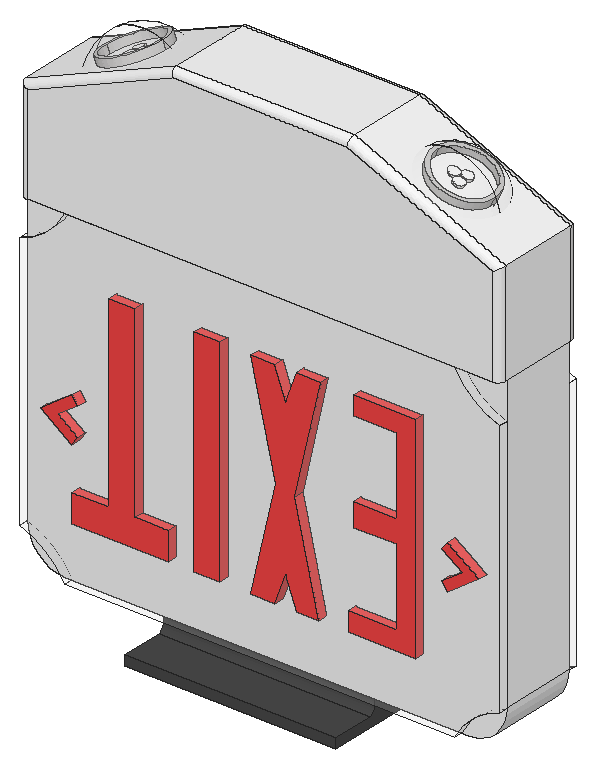
Revit family "CWC", category Lighting Fixtures, host Face, Revit 2021
Family settings
  Host = Face
  Round Connector Dimension = Use Diameter
  Part Type = Normal
  OmniClass Number = 23.80.70.11.21
  OmniClass Title = Emergency Lighting
  Cut with Voids When Loaded = No
  Light Source = No
  Shared = No
  Room Calculation Point = No
Parameters (values of type "CWC2RW-CT")
  zz Length 1 [instance] = if(Single Face, 0.200", 0.250")  # 0.200"
  Watts = 33.6 W
  Wattage Comments = "33.6W"
  Warranty = "2 year full unit warranty"  # constant formula
  Wall Plate Material = Black
  Voltage [instance] = if(Is 120VAC, 120 V, 277 V)  # 120 V
  URL = "https://www.currentlighting.com/compass"
  Type Comments = "Exit Light"  # constant formula
  Single Face = yes
  Product Page URL = ""
  Product Documentation Link = ""
  Model = "CWC2RW-CT"
  Manufacturer = "Compass Products"  # constant formula
  Load Classification = Lighting
  Lens = Red Glass
  Lamp = "LED Lamp"  # constant formula
  LED = White
  Is 277VAC [instance] = not(Is 120VAC)  # no
  Is 120VAC = yes
  Holder Material = Steel
  Glass = light Glass
  Finish = White
  Features = "Includes Self-Test/Self-Diagnostics\r\n•\t LED life-cycle of more than 10 years\r\n•\t Fully Adjustable lamp-heads\r\n•\t Quick installation\r\n•\t 120/277VAC input\r\n•\t Includes long-life 6VDC Nickel Cadmium battery\r\n•\t Full re-charge within 24 hours\r\n•\t Provided with magnetic test switch and AC-On indicator\r\n•\t UL924 Wet Location Listed, 0C° to 50°C Standard Model,\r\n-20°C to 50°C with CT, ”Cold Temperature” option "  # constant formula
  Double Face = yes
  Description = "The CWC is a wet location, LED based combination\r\nexit/emergency light. The combo has an EXIT face-plate and\r\nlamp-head shield made of UV stabilized polycarbonate. The\r\nhousing is made of 5VA flame retardant polycarbonate with a\r\nwhite finish and is fully sealed and gasketed. Includes a\r\ndie-cast canopy for ceiling or end mount. Combo can also be\r\nwall mounted using the universal knock-out pattern in\r\nsingle-face application. Illumination provided by 2 each high\r\npower MR-16 based LED’s driven at 3.6 watts per head.\r\nKnock-out chevrons provide directional indication."  # constant formula
  Default Elevation = 48.000"
  Certification = "UL924 Listed for Wet Location\r\nNFPA 101 and NFPA 70\r\nOSHA"  # constant formula
  Application = "The CWC can be applied in areas that are susceptible to rain\r\nand severe moisture, such as parking decks, pools and outdoor\r\ncommercial applications. "  # constant formula
  Apparent Load = Watts  # 33.6 VA
Types (8): name | Watts | Wattage Comments | Model | Lens | Double Face | Apparent Load
  CWC1RW | 5.2 W | "5.2W" | "CWC1RW" | Red Glass | no | 5.2 VA
  CWC2RW | 5.2 W | "5.2W" | "CWC2RW" | Red Glass | yes | 5.2 VA
  CWC1GW | 5.2 W | "5.2W" | "CWC1GW" | Green Glass | no | 5.2 VA
  CWC2GW | 5.2 W | "5.2W" | "CWC2GW" | Green Glass | yes | 5.2 VA
  CWC1RW-CT | 33.6 W | "33.6W" | "CWC1RW-CT" | Red Glass | no | 33.6 VA
  CWC2RW-CT | 33.6 W | "33.6W" | "CWC2RW-CT" | Red Glass | yes | 33.6 VA
  CWC1GW-CT | 33.6 W | "33.6" | "CWC1GW-CT" | Green Glass | no | 33.6 VA
  CWC2GW-CT | 33.6 W | "33.6W" | "CWC2GW-CT" | Green Glass | yes | 33.6 VA
Reference planes (in)
  plane 1 "Center (Front/Back)": y = 0
  plane 2: z = 0
  plane 3 "Center (Left/Right)": x = 0
  plane 4: x = -6.25
  plane 5: x = 6.25
  plane 6: x = -2.75
  plane 7: x = 2.75
  plane 8: z = 9.3
  plane 9: y = -1.25
  plane 10: y = 1.25
  plane 11: y = -2.2
  plane 12: y = 2.2
  plane 13: z = 13.65
Forms (in)
  Extrusion 1, solid, material "Black" <- "Wall Plate Material"
    sketch origin (0, 0, 0) x (0, 1, 0) y (0, 0, 1)
      loop
        line (2.20258, 0) -> (2.20258, 0.24288) -> (1.0795, 0.24288)
        arc (1.0795, 0.24288) -> (0.94157, 0.42301) -> (0.97906, 0.64676) r 0.28476
        line (0.97906, 0.64676) -> (-0.97906, 0.64676)
        arc (-0.97906, 0.64676) -> (-0.94157, 0.42301) -> (-1.0795, 0.24288) r 0.28476
        line (-1.0795, 0.24288) -> (-2.20258, 0.24288) -> (-2.20258, 0) -> (2.20258, 0)
    from -2.75 to 2.75
  Extrusion 2, solid, material "White" <- "Finish"
    sketch origin (0, 0, 0) x (1, 0, 0) y (0, 0, 1)
      loop
        arc (-6.25, 1.64676) -> (-5.95711, 0.93965) -> (-5.25, 0.64676) r 1
        line (-5.25, 0.64676) -> (5.25, 0.64676)
        arc (5.25, 0.64676) -> (5.95711, 0.93965) -> (6.25, 1.64676) r 1
        line (6.25, 1.64676) -> (6.25, 9.3) -> (-6.25, 9.3) -> (-6.25, 1.64676)
    from -1 to 1
  Extrusion 3, solid, material "Red Glass" <- "Lens", visible <- "Double Face"
    sketch origin (0, 0, 1.25) x (1, 0, 0) y (0, 0, 1)
      loop
        line (-4.88814, 3.88778) -> (-5.7073, 3.3142) -> (-4.88814, 2.74063) -> (-4.74475, 2.94542) -> (-5.27143, 3.3142) -> (-4.74475, 3.68299) -> (-4.88814, 3.88778)
      loop
        line (4.88814, 3.88778) -> (4.74475, 3.68299) -> (5.27143, 3.3142) -> (4.74475, 2.94542) -> (4.88814, 2.74063) -> (5.7073, 3.3142) -> (4.88814, 3.88778)
      loop
        line (2.43416, 6.45678) -> (2.43416, 5.97564) -> (3.5716, 5.97564) -> (3.5716, 3.97225) -> (2.43416, 3.97225) -> (2.43416, 3.36683) -> (3.55274, 3.3823) -> (3.55274, 1.3823) -> (2.30274, 1.3823) -> (2.30274, 0.8823) -> (4.05274, 0.8823) -> (4.05274, 6.45678) -> (2.43416, 6.45678)
      loop
        line (1.58093, 6.45573) -> (0.95036, 6.45573) -> (0.67318, 5.69418) -> (0.396, 6.45573) -> (-0.23457, 6.45573) -> (0.40867, 3.66954) -> (-0.23457, 0.88335) -> (0.396, 0.88335) -> (0.67318, 1.64489) -> (0.95036, 0.88335) -> (1.53078, 0.88335) -> (0.91261, 3.56092) -> (1.58093, 6.45573)
      loop
        line (-1.71319, 6.47228) -> (-1.71319, 0.88335) -> (-1.04357, 0.88335) -> (-1.04357, 6.47228) -> (-1.71319, 6.47228)
      loop
        line (-2.38057, 0.88335) -> (-2.38057, 1.61488) -> (-3.25288, 1.61488) -> (-3.25288, 6.47228) -> (-3.9225, 6.47228) -> (-3.9225, 1.61488) -> (-4.89234, 1.61488) -> (-4.89234, 0.88335) -> (-2.38057, 0.88335)
    from 1 to 1.25
  Extrusion 4, solid, material "light Glass" <- "Glass", visible <- "Single Face"
    sketch origin (0, 0, 0) x (1, 0, 0) y (0, 0, 1)
      loop
        line (-6.24638, 8.32765) -> (-6.24638, 1.61911)
        arc (-6.24638, 1.61911) -> (-5.5641, 1.2506) -> (-5.0776, 0.64676) r 1.96421
        line (-5.0776, 0.64676) -> (5.0776, 0.64676)
        arc (5.0776, 0.64676) -> (5.5641, 1.2506) -> (6.24638, 1.61911) r 1.96421
        line (6.24638, 1.61911) -> (6.24638, 8.32765)
        arc (6.24638, 8.32765) -> (5.5641, 8.69616) -> (5.0776, 9.3) r 1.96421
        line (5.0776, 9.3) -> (-5.0776, 9.3)
        arc (-5.0776, 9.3) -> (-5.5641, 8.69616) -> (-6.24638, 8.32765) r 1.96421
    from 1 to 1.25
  Extrusion 5, solid, material "Red Glass" <- "Lens", visible <- "Single Face"
    sketch origin (0, 0, 8.60458) x (-1, 0, 0) y (0, 0, 1)
      loop
        line (-4.88814, -3.88778) -> (-4.74475, -3.68299) -> (-5.27143, -3.3142) -> (-4.74475, -2.94542) -> (-4.88814, -2.74063) -> (-5.7073, -3.3142) -> (-4.88814, -3.88778)
      loop
        line (4.88814, -3.88778) -> (5.7073, -3.3142) -> (4.88814, -2.74063) -> (4.74475, -2.94542) -> (5.27143, -3.3142) -> (4.74475, -3.68299) -> (4.88814, -3.88778)
      loop
        line (2.43416, -6.45678) -> (4.05274, -6.45678) -> (4.05274, -0.8823) -> (2.30274, -0.8823) -> (2.30274, -1.3823) -> (3.55274, -1.3823) -> (3.55274, -3.3823) -> (2.43416, -3.36683) -> (2.43416, -3.97225) -> (3.5716, -3.97225) -> (3.5716, -5.97564) -> (2.43416, -5.97564) -> (2.43416, -6.45678)
      loop
        line (1.58093, -6.45573) -> (0.91261, -3.56092) -> (1.53078, -0.88335) -> (0.95036, -0.88335) -> (0.67318, -1.64489) -> (0.396, -0.88335) -> (-0.23457, -0.88335) -> (0.40867, -3.66954) -> (-0.23457, -6.45573) -> (0.396, -6.45573) -> (0.67318, -5.69418) -> (0.95036, -6.45573) -> (1.58093, -6.45573)
      loop
        line (-1.71319, -6.47228) -> (-1.04357, -6.47228) -> (-1.04357, -0.88335) -> (-1.71319, -0.88335) -> (-1.71319, -6.47228)
      loop
        line (-4.89234, -6.47228) -> (-2.38057, -6.47228) -> (-2.38057, -5.74075) -> (-3.35041, -5.74075) -> (-3.35041, -0.88335) -> (-4.02003, -0.88335) -> (-4.02003, -5.74075) -> (-4.89234, -5.74075) -> (-4.89234, -6.47228)
    from 1 to 1.25
  Extrusion 6, solid, material "light Glass" <- "Glass", visible <- "Double Face"
    sketch origin (0, 0, 0) x (1, 0, 0) y (0, 0, -1)
      loop
        arc (-6.24638, -8.32765) -> (-5.5641, -8.69616) -> (-5.0776, -9.3) r 1.96421
        line (-5.0776, -9.3) -> (5.0776, -9.3)
        arc (5.0776, -9.3) -> (5.5641, -8.69616) -> (6.24638, -8.32765) r 1.96421
        line (6.24638, -8.32765) -> (6.24638, -1.61911)
        arc (6.24638, -1.61911) -> (5.5641, -1.2506) -> (5.0776, -0.64676) r 1.96421
        line (5.0776, -0.64676) -> (-5.0776, -0.64676)
        arc (-5.0776, -0.64676) -> (-5.5641, -1.2506) -> (-6.24638, -1.61911) r 1.96421
        line (-6.24638, -1.61911) -> (-6.24638, -8.32765)
    from 1 to 1.25
  Extrusion 7, solid, material "White" <- "Finish"
    sketch origin (0, 0, 0) x (1, 0, 0) y (0, 0, 1)
      loop
        line (-6.25, 9.3) -> (6.25, 9.3) -> (6.25, 11.97863) -> (2.3125, 13.65) -> (-2.3125, 13.65) -> (-6.25, 11.97863) -> (-6.25, 9.3)
    from -1.25 to 1.25
  Sweep 8, void
    path in 3D
      loop
        line (6.25, -1.25, 9.3) -> (6.25, -1.25, 11.97863) -> (2.3125, -1.25, 13.65) -> (-2.3125, -1.25, 13.65) -> (-6.25, -1.25, 11.97863) -> (-6.25, -1.25, 9.3)
    profile origin (4.28125, -1.25, 12.81432) x (-0.390731, 0, -0.920505) y (0, -1, 0)
      loop
        line (0, 0) -> (0, -0.19496)
        arc (0, -0.19496) -> (0.0571, -0.0571) -> (0.19496, 0) r 0.19496
        line (0.19496, 0) -> (0, 0)
  Sweep 9, void
    path in 3D
      loop
        line (-6.25, 1.25, 9.3) -> (-6.25, 1.25, 11.97863) -> (-2.3125, 1.25, 13.65) -> (2.3125, 1.25, 13.65) -> (6.25, 1.25, 11.97863) -> (6.25, 1.25, 9.3)
    profile origin (4.28125, 1.25, 12.81432) x (-0.390731, 0, -0.920505) y (0, 1, 0)
      loop
        line (0, 0) -> (0, -0.18)
        arc (0, -0.18) -> (0.05272, -0.05272) -> (0.18, 0) r 0.18
        line (0.18, 0) -> (0, 0)
  Revolve 10, solid, material "light Glass" <- "Glass"
    sketch origin (0.06498, 0, -0.05029) x (1, 0, 0) y (0, 0, 1)
      loop
        line (4.18771, 12.84282) -> (5.20443, 12.41125)
        arc (5.20443, 12.41125) -> (4.94544, 13.01056) -> (4.42778, 13.40839) r 1.3
        line (4.42778, 13.40839) -> (4.18771, 12.84282)
      axis (4.42778, 13.40839) -> (4.18771, 12.84282)
    angle from 0 to 360
  Revolve 11, solid, material "light Glass" <- "Glass"
    sketch origin (-0.09375, 0, -0.0625) x (-1, 0, 0) y (0, 0, -1)
      loop
        line (4.18771, -12.84282) -> (4.42778, -13.40839)
        arc (4.42778, -13.40839) -> (4.94544, -13.01056) -> (5.20443, -12.41125) r 1.3
        line (5.20443, -12.41125) -> (4.18771, -12.84282)
      axis (4.42778, -13.40839) -> (4.18771, -12.84282)
    angle from 0 to 360
  Sweep 12, solid, material "Steel" <- "Holder Material"
    path origin (6.09983, -0.10121, 12.04237) x (-0.920505, 0, 0.390731) y (0, -1, 0)
      loop
        circle (2.02368, -0.11669) r 0.75
    profile origin (4.23703, -0.73453, 12.83309) x (0, 1, 0) y (0.390731, 0, 0.920505)
      loop
        line (-0.00078, 0.19576) -> (-0.10078, 0.19576) -> (-0.10078, -0.23393) -> (-0.00078, -0.23393) -> (-0.00078, 0.19576)
  Extrusion 13, solid, material "White" <- "LED"
    sketch origin (6.08202, 0, 12.04993) x (-0.920505, 0, 0.390731) y (0, -1, 0)
      loop
        circle (2.2182, -0.001) r 0.13904
      loop
        circle (1.95984, 0.1307) r 0.13904
      loop
        circle (1.97819, -0.16524) r 0.13904
    from 0 to 0.04656
  Sweep 14, solid, material "Steel" <- "Holder Material"
    path origin (-6.09983, -0.10121, 12.04237) x (0.920505, 0, 0.390731) y (0, 1, 0)
      loop
        circle (2.02368, 0.11669) r 0.75
    profile origin (-4.23703, -0.73453, 12.83309) x (0, -1, 0) y (-0.390731, 0, 0.920505)
      loop
        line (0.00078, 0.19576) -> (0.00078, -0.23393) -> (0.10078, -0.23393) -> (0.10078, 0.19576) -> (0.00078, 0.19576)
  Extrusion 15, solid, material "White" <- "LED"
    sketch origin (-6.08202, 0, 12.04993) x (0.920505, 0, 0.390731) y (0, 1, 0)
      loop
        circle (2.2182, 0.001) r 0.13904
      loop
        circle (1.95984, -0.1307) r 0.13904
      loop
        circle (1.97819, 0.16524) r 0.13904
    from 0 to 0.04656
Cuts and joins
  Sweep 8, Sweep 9 cuts Extrusion 7
Lines and regions (in)
  sketch lines
    curve 1: line (6.25, -1.25, 11.97863) -> (2.3125, -1.25, 13.65)
    curve 2: line (2.3125, -1.25, 13.65) -> (-2.3125, -1.25, 13.65)
    curve 3: line (-2.3125, -1.25, 13.65) -> (-6.25, -1.25, 11.97863)
    curve 4: line (-6.25, -1.25, 11.97863) -> (-6.25, -1.25, 9.3)
    curve 5: line (6.25, -1.25, 9.3) -> (6.25, -1.25, 11.97863)
    curve 6: line (2.3125, 1.25, 13.65) -> (6.25, 1.25, 11.97863)
    curve 7: line (6.25, 1.25, 11.97863) -> (6.25, 1.25, 9.3)
    curve 8: line (-2.3125, 1.25, 13.65) -> (2.3125, 1.25, 13.65)
    curve 9: line (-6.25, 1.25, 11.97863) -> (-2.3125, 1.25, 13.65)
    curve 10: line (-6.25, 1.25, 9.3) -> (-6.25, 1.25, 11.97863)
Dimensions and locks (in)
  plane 4 to plane 3 "Center (Left/Right)" = 6.250"
  equal spacing: plane 4, plane 3 "Center (Left/Right)", plane 5
  equal spacing: plane 6, plane 3 "Center (Left/Right)", plane 7
  plane 6 to plane 3 "Center (Left/Right)" = 2.750"
  plane 7 to plane 6 = 5.500"
  plane 5 to plane 4 = 12.500"
  plane 8 to plane 2 = 9.300"
  plane 13 to plane 2 = 13.650"
  angle Extrusion 4 to plane 8 = 0.00°
  aligned and locked: plane 2 to host face
  aligned and locked: level to host face
  aligned and locked: Extrusion 1 to plane 6
  aligned and locked: plane 7 to Extrusion 1
Automatic sketch dimensions
  host sketch curve to host sketch curve = 96.000"  (x2)
  Extrusion 1 sketch curve to level = 0.000"
  plane 11 to Extrusion 1 sketch curve = 0.00258"
  Extrusion 1 sketch curve to plane 9 = 0.03208"
  Extrusion 1 sketch curve to plane 9 = 0.1705"
  Extrusion 1 sketch curve to plane 9 = 0.27094"
  plane 10 to Extrusion 1 sketch curve = 0.27094"
  plane 10 to Extrusion 1 sketch curve = 0.1705"
  plane 10 to Extrusion 1 sketch curve = 0.03208"
  Extrusion 1 sketch curve to plane 12 = 0.00258"
  Extrusion 1 sketch curve to Extrusion 1 sketch curve = 0.24288"
  level to Extrusion 1 sketch curve = 0.24288"
  Extrusion 1 sketch curve to Extrusion 1 sketch curve = 0.24885"
  level to Extrusion 2 sketch curve = 0.64676"
  plane 4 to Extrusion 2 sketch curve = 1.000"
  Extrusion 2 sketch curve to plane 5 = 1.000"
  plane 4 to Extrusion 3 sketch curve = 0.5427"
  Extrusion 3 sketch curve to Extrusion 3 sketch curve = 0.43586"  (x2)
  plane 4 to Extrusion 3 sketch curve = 1.35766"
  Extrusion 3 sketch curve to Extrusion 3 sketch curve = 0.38329"  (x2)
  Extrusion 3 sketch curve to Extrusion 3 sketch curve = 0.14339"  (x4)
  Extrusion 3 sketch curve to plane 6 = 1.1725"
  Extrusion 3 sketch curve to plane 6 = 0.50288"
  plane 6 to Extrusion 3 sketch curve = 0.36943"
  Extrusion 3 sketch curve to Extrusion 3 sketch curve = 0.66738"
  Extrusion 3 sketch curve to Extrusion 3 sketch curve = 0.66962"
  Extrusion 3 sketch curve to plane 3 "Center (Left/Right)" = 0.23457"  (x2)
  plane 3 "Center (Left/Right)" to Extrusion 3 sketch curve = 0.396"  (x2)
  plane 3 "Center (Left/Right)" to Extrusion 3 sketch curve = 0.40867"
  plane 3 "Center (Left/Right)" to Extrusion 3 sketch curve = 0.67318"  (x2)
  Extrusion 3 sketch curve to Extrusion 3 sketch curve = 0.50394"
  Extrusion 3 sketch curve to Extrusion 3 sketch curve = 0.55436"  (x2)
  Extrusion 3 sketch curve to Extrusion 3 sketch curve = 0.58042"
  Extrusion 3 sketch curve to Extrusion 3 sketch curve = 0.63057"
  Extrusion 3 sketch curve to plane 7 = 0.44726"
  Extrusion 3 sketch curve to plane 7 = 0.31584"  (x2)
  plane 7 to Extrusion 3 sketch curve = 0.80274"
  Extrusion 3 sketch curve to Extrusion 3 sketch curve = 0.01886"
  Extrusion 3 sketch curve to Extrusion 3 sketch curve = 0.48114"  (x2)
  Extrusion 3 sketch curve to Extrusion 3 sketch curve = 1.19201"
  Extrusion 3 sketch curve to Extrusion 3 sketch curve = 0.000"  (x5)
  Extrusion 3 sketch curve to Extrusion 3 sketch curve = 0.52668"
  level to Extrusion 3 sketch curve = 2.1323"
  level to Extrusion 3 sketch curve = 2.13335"
  Extrusion 3 sketch curve to Extrusion 3 sketch curve = 0.500"
  Extrusion 3 sketch curve to Extrusion 3 sketch curve = 0.73153"
  Extrusion 3 sketch curve to Extrusion 3 sketch curve = 0.76154"  (x2)
  Extrusion 3 sketch curve to Extrusion 3 sketch curve = 1.12575"
  Extrusion 3 sketch curve to Extrusion 3 sketch curve = 1.35833"
  Extrusion 3 sketch curve to Extrusion 3 sketch curve = 0.20479"  (x2)
  Extrusion 3 sketch curve to Extrusion 3 sketch curve = 1.98453"
  Extrusion 3 sketch curve to Extrusion 3 sketch curve = 0.01547"
  Extrusion 3 sketch curve to Extrusion 3 sketch curve = 0.19409"
  Extrusion 3 sketch curve to Extrusion 3 sketch curve = 0.10862"
  Extrusion 3 sketch curve to Extrusion 3 sketch curve = 0.58995"
  Extrusion 3 sketch curve to Extrusion 3 sketch curve = 2.02465"
  Extrusion 3 sketch curve to Extrusion 3 sketch curve = 0.28145"
  Extrusion 3 sketch curve to Extrusion 3 sketch curve = 0.48009"
  Extrusion 3 sketch curve to plane 8 = 1.57772"
  Extrusion 3 sketch curve to Extrusion 3 sketch curve = 0.01655"
  Extrusion 4 sketch curve to plane 8 = 0.000"
  Extrusion 4 sketch curve to level = 0.25938"  (x2)
  Extrusion 4 sketch curve to plane 4 = 0.57031"  (x2)
  plane 4 to Extrusion 4 sketch curve = 0.00362"
  plane 4 to Extrusion 4 sketch curve = 1.1724"  (x2)
  level to Extrusion 4 sketch curve = 0.64676"
  Extrusion 4 sketch curve to plane 5 = 1.1724"  (x2)
  Extrusion 4 sketch curve to plane 5 = 0.00362"
  plane 5 to Extrusion 4 sketch curve = 0.57031"  (x2)
  Extrusion 4 sketch curve to plane 8 = 0.97235"  (x2)
  Extrusion 5 sketch curve to plane 5 = 0.5427"
  Extrusion 5 sketch curve to Extrusion 5 sketch curve = 0.43586"  (x2)
  Extrusion 5 sketch curve to plane 5 = 1.35766"
  Extrusion 5 sketch curve to Extrusion 5 sketch curve = 0.38329"  (x2)
  Extrusion 5 sketch curve to Extrusion 5 sketch curve = 0.14339"  (x4)
  plane 7 to Extrusion 5 sketch curve = 1.27003"
  plane 7 to Extrusion 5 sketch curve = 0.60041"
  Extrusion 5 sketch curve to plane 7 = 0.36943"
  Extrusion 5 sketch curve to Extrusion 5 sketch curve = 0.66738"
  Extrusion 5 sketch curve to Extrusion 5 sketch curve = 0.66962"
  plane 3 "Center (Left/Right)" to Extrusion 5 sketch curve = 0.23457"  (x2)
  Extrusion 5 sketch curve to plane 3 "Center (Left/Right)" = 0.396"  (x2)
  Extrusion 5 sketch curve to plane 3 "Center (Left/Right)" = 0.40867"
  Extrusion 5 sketch curve to plane 3 "Center (Left/Right)" = 0.67318"  (x2)
  Extrusion 5 sketch curve to Extrusion 5 sketch curve = 0.50394"
  Extrusion 5 sketch curve to Extrusion 5 sketch curve = 0.55436"  (x2)
  Extrusion 5 sketch curve to Extrusion 5 sketch curve = 0.58042"
  Extrusion 5 sketch curve to Extrusion 5 sketch curve = 0.63057"
  plane 6 to Extrusion 5 sketch curve = 0.44726"
  plane 6 to Extrusion 5 sketch curve = 0.31584"  (x2)
  Extrusion 5 sketch curve to plane 6 = 0.80274"
  Extrusion 5 sketch curve to Extrusion 5 sketch curve = 0.01886"
  Extrusion 5 sketch curve to Extrusion 5 sketch curve = 0.48114"  (x2)
  Extrusion 5 sketch curve to Extrusion 5 sketch curve = 1.19201"
  Extrusion 5 sketch curve to Extrusion 5 sketch curve = 0.000"  (x3)
  Extrusion 5 sketch curve to Extrusion 5 sketch curve = 0.52668"
  level to Extrusion 5 sketch curve = 2.1323"
  level to Extrusion 5 sketch curve = 2.1478"
  Extrusion 5 sketch curve to Extrusion 5 sketch curve = 0.01655"
  Extrusion 5 sketch curve to Extrusion 5 sketch curve = 0.00106"
  Extrusion 5 sketch curve to Extrusion 5 sketch curve = 0.73153"
  Extrusion 5 sketch curve to Extrusion 5 sketch curve = 0.76154"  (x2)
  Extrusion 5 sketch curve to Extrusion 5 sketch curve = 2.00339"
  Extrusion 5 sketch curve to Extrusion 5 sketch curve = 1.85297"
  Extrusion 5 sketch curve to Extrusion 5 sketch curve = 0.08447"
  Extrusion 5 sketch curve to Extrusion 5 sketch curve = 0.20479"  (x2)
  Extrusion 5 sketch curve to Extrusion 5 sketch curve = 2.02465"
  Extrusion 5 sketch curve to Extrusion 5 sketch curve = 0.10862"
  Extrusion 5 sketch curve to Extrusion 5 sketch curve = 0.58995"
  Extrusion 5 sketch curve to Extrusion 5 sketch curve = 0.60542"
  Extrusion 5 sketch curve to Extrusion 5 sketch curve = 1.91603"
  Extrusion 5 sketch curve to Extrusion 5 sketch curve = 0.2626"
  Extrusion 5 sketch curve to plane 8 = 1.57878"  (x2)
  Extrusion 5 sketch curve to Extrusion 5 sketch curve = 0.49894"
  Extrusion 5 sketch curve to Extrusion 5 sketch curve = 0.500"
  Extrusion 6 sketch curve to plane 8 = 0.000"
  Extrusion 6 sketch curve to level = 0.25938"  (x2)
  Extrusion 6 sketch curve to plane 4 = 0.57031"  (x2)
  plane 4 to Extrusion 6 sketch curve = 0.00362"
  plane 4 to Extrusion 6 sketch curve = 1.1724"  (x2)
  level to Extrusion 6 sketch curve = 0.64676"
  Extrusion 6 sketch curve to plane 5 = 1.1724"  (x2)
  Extrusion 6 sketch curve to plane 5 = 0.00362"
  plane 5 to Extrusion 6 sketch curve = 0.57031"  (x2)
  plane 8 to Extrusion 6 sketch curve = 0.90614"  (x2)
  Extrusion 7 sketch curve to plane 4 = 0.000"
  Extrusion 7 sketch curve to plane 13 = 0.000"
  Extrusion 7 sketch curve to plane 5 = 0.000"
  plane 6 to Extrusion 7 sketch curve = 0.4375"
  Extrusion 7 sketch curve to plane 7 = 0.4375"
  Extrusion 7 sketch curve to plane 13 = 1.67137"  (x2)
  Extrusion 7 sketch curve to plane 8 = 0.000"
  Sweep 8 sketch curve to profile plane = 0.000"
  profile plane to Sweep 8 sketch curve = 0.000"
  Sweep 8 sketch curve to profile plane = 0.19496"
  Sweep 9 sketch curve to profile plane = 0.000"
  profile plane to Sweep 9 sketch curve = 0.000"
  Sweep 9 sketch curve to Sweep 9 sketch curve = 0.180"
  plane 7 to Revolve 10 sketch curve = 1.23481"
  Revolve 10 sketch curve to Revolve 10 sketch curve = 0.26788"
  Revolve 10 sketch curve to plane 13 = 0.2919"
  Revolve 10 sketch curve to Revolve 10 sketch curve = 0.24007"
  Revolve 10 sketch curve to plane 5 = 0.98059"
  Revolve 10 sketch curve to Revolve 10 sketch curve = 0.56557"
  plane 7 to Revolve 10 sketch curve = 0.72123"
  Revolve 10 sketch curve to Revolve 10 sketch curve = 0.000"  (x2)
  Revolve 10 sketch curve to Revolve 10 sketch curve = 1.20992"
  Revolve 11 sketch curve to plane 6 = 1.26358"
  Revolve 11 sketch curve to Revolve 11 sketch curve = 0.26788"
  Revolve 11 sketch curve to plane 13 = 0.30411"
  Revolve 11 sketch curve to Revolve 11 sketch curve = 0.24007"
  plane 4 to Revolve 11 sketch curve = 0.95182"
  Revolve 11 sketch curve to Revolve 11 sketch curve = 0.56557"
  Revolve 11 sketch curve to plane 6 = 0.750"
  Revolve 11 sketch curve to Revolve 11 sketch curve = 0.000"  (x2)
  Revolve 11 sketch curve to Revolve 11 sketch curve = 1.20992"
  Sweep 12 sketch curve to Extrusion 7 = 2.09073"
  Extrusion 7 to Sweep 12 sketch curve = 1.23453"
  profile plane to Sweep 12 sketch curve = 0.10078"
  profile plane to Sweep 12 sketch curve = 0.00078"
  Sweep 12 sketch curve to profile plane = 0.23393"
  profile plane to Sweep 12 sketch curve = 0.19576"
  Extrusion 13 sketch curve to Extrusion 7 = 2.13523"
  Extrusion 13 sketch curve to Extrusion 13 sketch curve = 0.01835"
  Extrusion 13 sketch curve to Extrusion 13 sketch curve = 0.25836"
  Extrusion 7 to Extrusion 13 sketch curve = 1.08476"
  Extrusion 13 sketch curve to Extrusion 13 sketch curve = 0.16424"
  Extrusion 13 sketch curve to Extrusion 13 sketch curve = 0.13171"
  Sweep 14 sketch curve to plane 1 "Center (Front/Back)" = 0.01547"
  Sweep 14 sketch curve to profile plane = 0.00078"
  Sweep 14 sketch curve to Sweep 14 sketch curve = 0.100"
  Sweep 14 sketch curve to profile plane = 0.23393"
  profile plane to Sweep 14 sketch curve = 0.19576"
  plane 1 "Center (Front/Back)" to Extrusion 15 sketch curve = 0.1307"
  Extrusion 15 sketch curve to Extrusion 15 sketch curve = 0.01835"
  Extrusion 15 sketch curve to plane 1 "Center (Front/Back)" = 0.001"
  Extrusion 15 sketch curve to Extrusion 15 sketch curve = 0.25836"
  Extrusion 15 sketch curve to plane 1 "Center (Front/Back)" = 0.16524"
  Extrusion 2 sketch curve to plane 4 = 0.000"
  Extrusion 2 sketch curve to plane 8 = 0.000"
  Extrusion 2 sketch curve to plane 5 = 0.000"
  radius of Sweep 12 sketch curve = 0.750"
  radius of Extrusion 13 sketch curve = 0.13904"  (x3)
  radius of Sweep 14 sketch curve = 0.750"
  radius of Extrusion 15 sketch curve = 0.13904"  (x3)
Nested families (in)
  nested 1: "Family2" at (-4.39374, 0.05051, -40.79267) x (0.9988, -0.0496, 0) z (0, 0, 1), type "Family2"
  nested 2: "Family2" at (4.39374, 0.05051, -40.79267) x (-0.9988, -0.0496, 0) z (0, 0, 1), type "Family2"
Connectors (in)
  electrical at (0, 0, 0), driven by "Voltage", driven by "Apparent Load"
    settings: on Extrusion 1, index 1, voltage 120 V, apparent load 33.6 VA, apparent load phase1 0 VA, apparent load phase2 0 VA, apparent load phase3 0 VA, power factor 1, load classification "Other", number of poles 1, system type 30, power factor state 1, is connector primary yes, connector utility no, sub classification motor no, connector description "Lighting Connector"
Definition of nested family "Family2"
  Parameters
    Wattage = 12.1178 W
    built-in parameter 1150110 = 1 (stored number, unit not read)
    built-in parameter 1114217 = 1 (stored number, unit not read)
    Tilt Angle = -60.00°
    built-in parameter 1150109 = 1 (stored number, unit not read)
    built-in parameter 1150134 = (empty or 0)
    built-in parameter 1150113 = 1 (stored number, unit not read)
    Photometric Web File = "CWC.ies"
    Lumens = 1800 lm
    built-in parameter 1150115 = 1 (stored number, unit not read)
    built-in parameter 1150105 = 143.24 (stored number, unit not read)
    built-in parameter 1150137 = (empty or 0)
    built-in parameter 1150139 = (empty or 0)
    built-in parameter 1150112 = 1 (stored number, unit not read)
    built-in parameter 1150114 = 1 (stored number, unit not read)
    built-in parameter 1150132 = 2
    built-in parameter 1150102 = (empty or 0)
    built-in parameter 1150138 = (empty or 0)
    built-in parameter 1150107 = 3000 (stored number, unit not read)
    built-in parameter 1150106 = 1.4324 (stored number, unit not read)
    built-in parameter 1150104 = 13.8 (stored number, unit not read)
    Dimming Lamp Color Temperature Shift = (empty or 0)
    Default Elevation = 0.000"
    Color Filter = 16777215
    built-in parameter 1114218 = 1 (stored number, unit not read)
    built-in parameter 1150133 = 10 (stored number, unit not read)
  Reference planes (in)
    plane 1 "Light Source Axis (F/B)": y = 0
    plane 2: z = 0
    plane 3 "Light Source Axis (L/R)": x = 0
    plane 4 "Light Source Elevation": z = 54
  Dimensions and locks (in)
    aligned and locked: plane 3 "Light Source Axis (L/R)" to imposter light
    aligned and locked: plane 1 "Light Source Axis (F/B)" to imposter light
    aligned and locked: plane 4 "Light Source Elevation" to imposter light
    aligned and locked: level to plane 2
